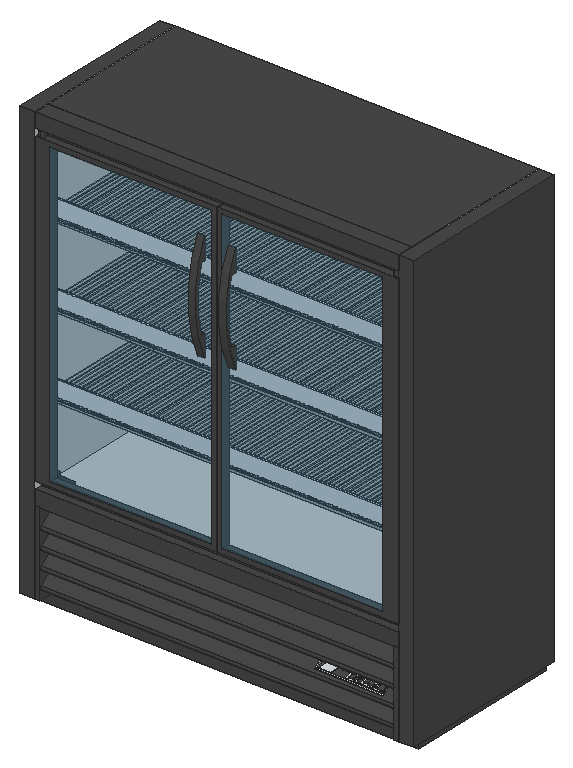
Revit family "QF_TRUE_TVM-48SL-54-HC~VM01", category Specialty Equipment, Revit 2016 (continued)
Definition of nested family "TRUE_L6_C3.25"
  Forms (in)
    Revolve 3, solid, visible <- "Show 2.5 Inches Caster"
      sketch origin (-1.93794, 0.46818, -1.0041) x (1, 0, 0) y (0, 0, 1)
        loop
          line (0.74055, 1.86347) -> (0.74055, 1.78797) -> (0.79055, 1.73797) -> (0.85055, 1.73797) -> (0.85055, 1.6179) -> (1.235, 1.6179) -> (1.235, 1.55055) -> (1.38673, 1.46295) -> (1.4003, 1.3791) -> (1.34375, 1.3791) -> (1.34375, 1.2541) -> (1.375, 1.2541) -> (1.375, 1.0041) -> (2.48438, 1.0041) -> (2.48438, 1.2541) -> (2.51563, 1.2541) -> (2.51563, 1.3791) -> (2.45908, 1.3791) -> (2.47322, 1.46647) -> (2.62438, 1.55374) -> (2.62438, 1.6179) -> (3.04007, 1.6179) -> (3.04007, 1.73797) -> (3.10007, 1.73797) -> (3.15007, 1.78797) -> (3.15007, 1.86347) -> (0.74055, 1.86347)
        axis (0.74055, 1.86347) -> (3.15007, 1.86347)
      angle from 0 to 360
    Extrusion 4, solid, visible <- "Show 2.5 Inches Caster"
      sketch origin (-1.93794, 1.43296, -3.41527) x (0, 1, 0) y (0, 0, 1)
        loop
          line (-0.64294, 5.3791) -> (-2.21294, 5.3791) -> (-2.21294, 5.24769) -> (-1.37414, 5.24769)
          arc (-1.37414, 5.24769) -> (-0.62115, 5.15851) -> (0.05138, 4.80832) r 2.10495
          line (0.05138, 4.80832) -> (0.12713, 4.91318)
          arc (0.12713, 4.91318) -> (-0.07255, 5.06376) -> (-0.29048, 5.18644) r 1.8753
          line (-0.29048, 5.18644) -> (-0.22239, 5.30423)
          arc (-0.22239, 5.30423) -> (-0.42936, 5.36024) -> (-0.64294, 5.3791) r 1.21859
      from 1.17357 to 2.70231
    Revolve 5, solid, visible <- "Show 2.5 Inches Caster"
      sketch origin (0, 1.73858, -3.75) x (0, 1, 0) y (0, 0, 1)
        loop
          line (-1.73858, 5.71382) -> (-1.05793, 5.71382) -> (-1.05793, 6.25) -> (-1.73858, 6.25) -> (-1.73858, 5.71382)
        axis (-1.73858, 5.71382) -> (-1.73858, 6.25)
      angle from 0 to 360
    Extrusion 6, solid, visible <- "Show 2.5 Inches Caster"
      sketch origin (-1.98481, 1.43296, -1.7541) x (0, 1, 0) y (0, 0, 1)
        loop
          line (-2.21294, 3.71792) -> (-2.21294, 3.58652) -> (-1.94904, 3.58652)
          arc (-1.94904, 3.58652) -> (-1.56115, 3.28048) -> (-1.39241, 2.81612) r 0.90292
          arc (-1.39241, 2.81612) -> (-1.36136, 2.62044) -> (-1.29729, 2.43295) r 1.15385
          arc (-1.29729, 2.43295) -> (-0.94802, 2.21237) -> (-0.6121, 2.45278) r 0.37001
          arc (-0.6121, 2.45278) -> (-0.59625, 2.50123) -> (-0.58446, 2.55082) r 0.61695
          arc (-0.58446, 2.55082) -> (-0.36134, 2.95548) -> (0.05609, 3.15367) r 0.75313
          line (0.05609, 3.15367) -> (0.12713, 3.252)
          arc (0.12713, 3.252) -> (-0.07255, 3.40259) -> (-0.29048, 3.52526) r 1.8753
          line (-0.29048, 3.52526) -> (-0.22239, 3.64306)
          arc (-0.22239, 3.64306) -> (-0.42936, 3.69906) -> (-0.64294, 3.71792) r 1.21859
          line (-0.64294, 3.71792) -> (-2.21294, 3.71792)
      from 2.74918 to 2.90825
    Extrusion 7, solid, visible <- "Show 2.5 Inches Caster"
      sketch origin (1.98481, 1.43296, -1.7541) x (0, 1, 0) y (0, 0, -1)
        loop
          arc (-0.58446, -2.55082) -> (-0.59625, -2.50123) -> (-0.6121, -2.45278) r 0.61695
          arc (-0.6121, -2.45278) -> (-0.94802, -2.21237) -> (-1.29729, -2.43295) r 0.37001
          arc (-1.29729, -2.43295) -> (-1.36136, -2.62044) -> (-1.39241, -2.81612) r 1.15385
          arc (-1.39241, -2.81612) -> (-1.56115, -3.28048) -> (-1.94904, -3.58652) r 0.90292
          line (-1.94904, -3.58652) -> (-2.21294, -3.58652) -> (-2.21294, -3.71792) -> (-0.64294, -3.71792)
          arc (-0.64294, -3.71792) -> (-0.42936, -3.69906) -> (-0.22239, -3.64306) r 1.21859
          line (-0.22239, -3.64306) -> (-0.29048, -3.52526)
          arc (-0.29048, -3.52526) -> (-0.07255, -3.40259) -> (0.12713, -3.252) r 1.8753
          line (0.12713, -3.252) -> (0.05609, -3.15367)
          arc (0.05609, -3.15367) -> (-0.36134, -2.95548) -> (-0.58446, -2.55082) r 0.75313
      from 2.74918 to 2.90825
    Revolve 8, solid, visible <- "Show Default"
      sketch origin (0, 17.11577, 0) x (0, 1, 0) y (0, 0, -1)
        loop
          line (-17.11577, 0) -> (-17.98654, 0) -> (-17.98654, -0.25) -> (-17.11577, -0.25) -> (-17.11577, 0)
        axis (-17.11577, 0) -> (-17.11577, -0.25)
      angle from 0 to 360
    Revolve 9, solid, visible <- "Show Seismic Flanged"
      sketch origin (-2, 0, 0) x (1, 0, 0) y (0, 0, -1)
        loop
          line (2, -6) -> (2, 0) -> (1.5, 0) -> (1.5, -1) -> (1.25, -1) -> (1.25, -6) -> (2, -6)
        axis (2, 0) -> (2, -6)
      angle from 0 to 360
  Lines and regions (in)
    symbolic lines, visible <- "Show 2.5 Inches Caster"
      curve 1: line (0.18109, 1.09133, 0) -> (0.88402, 0.6855, 0)
      curve 2: line (-0.81891, -0.64072, 0) -> (0.18109, 1.09133, 0)
      curve 3: line (-0.11598, -1.04656, 0) -> (-0.81891, -0.64072, 0)
      curve 4: line (0.88402, 0.6855, 0) -> (-0.11598, -1.04656, 0)
  Dimensions and locks (in)
    plane 4 "TOP" to level = 6"  (x2)
    plane 5 to level = 3 1/4"
    aligned and locked: level to plane 1
